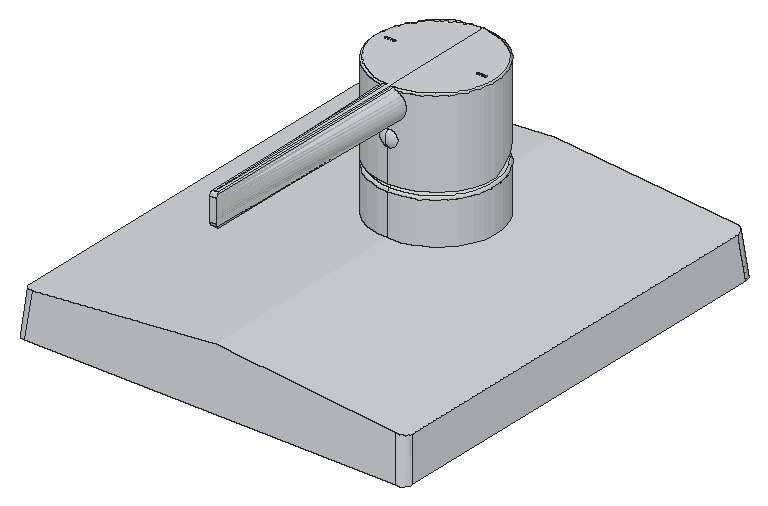
Revit family "Shower-Valve_Trim-KOHLER-STANCE-K-10317IN", category Specialty Equipment, host Face, Revit 2017
Family settings
  Host = Face
  Round Connector Dimension = Use Diameter
  Part Type = Normal
  OmniClass Number = 23.31.25.00
  OmniClass Title = Toilet and Bath Specialties
  Cut with Voids When Loaded = No
  Shared = No
  Room Calculation Point = No
Parameters (values of type "CP- Polished Chrome")
  Width = 6 77/256"  # constant formula
  WaterSense Certified = 1 = 0  # no
  URL = "https://www.kohler.co.in/"
  Type = 1
  Product Page URL = "https://www.kohler.co.in/product-detail/10317in-4?skuid=K-10317IN-4-CP"
  Product Name = "STANCE"  # constant formula
  Product Documentation Link = "http://resources.kohler.com/plumbing/kohlerindia/pdf/10317in_4_cp.pdf"
  Model = if(Type = 1, "K-10317IN-4-CP", "NA")  # "K-10317IN-4-CP"
  Material = "Solid brass construction"  # constant formula
  Master Format 2014 Name = "Toilet, Bath, and Laundry Accessories"  # constant formula
  Master Format 2014 = "10 28 00"  # constant formula
  Manufacturer Address = "Ambience Office Tower NH-8 Gurgaon / Gurugram Haryana , 122001\r\n"  # constant formula
  Manufacturer = "KOHLER Co."  # constant formula
  Length = 3 37/256"  # constant formula
  Height = 7 3/128"  # constant formula
  Finish = Kohler-Metal-CP-Polished_Chrome
  Environmental Product Declaration = ""
  Description = "Recessed Shower Valve Trim"  # constant formula
  Default Elevation = 42"
  Declare Label = ""
  Date Modified = "08/11/2020"  # constant formula
  Date Created = "08/11/2020"  # constant formula
  Copyright = "Copyright KOHLER Co."  # constant formula
  Contact Us = "https://www.kohler.co.in/contact-us"
  Assembly Code = "C1030200"
  ADA Compliant = 1 = 0  # no
Reference planes (in)
  plane 1 "Center (Front/Back)": y = 0
  plane 2: z = 0
  plane 3 "Center (Left/Right)": x = 0
  plane 4: y = 3.51181
  plane 5: x = -3.14961
  plane 6: x = 3.15117
  plane 7: y = -3.51163
  plane 8: y = 1.0435
  plane 9: z = 3.14453
  plane 10: y = -3.44469
Dimensions and locks (in)
  "Width": plane 5 to plane 6
  "Height": plane 7 to plane 4
  "Length": level to plane 9
  plane 8 to plane 10 = 4.48819"
  aligned and locked: plane 2 to host face
  aligned and locked: level to host face
  aligned and locked: plane 4 to nested 1
  aligned and locked: plane 5 to nested 1
  aligned and locked: plane 6 to nested 1
  aligned and locked: plane 7 to nested 1
  aligned and locked: plane 8 to nested 1
  aligned and locked: plane 9 to nested 1
  aligned and locked: plane 10 to nested 1
Automatic sketch dimensions
  host sketch curve to host sketch curve = 96"  (x2)
Nested families (in)
  nested 1: "K-10317IN" at (0, 0, -0.00114), type "K-10317IN"
Definition of nested family "K-10317IN"
  Parameters (values of type "K-10317IN")
    Material = none
  Reference planes (in)
    plane 1 "Center (Front/Back)": y = 0
    plane 2: z = 0
    plane 3 "Center (Left/Right)": x = 0
    plane 4: x = -3.14961
    plane 5: x = 3.14961
    plane 6: y = 3.51181
    plane 7: y = -3.51181
    plane 8: z = 3.14567
    plane 9: y = 1.0435
    plane 10: y = -3.44469
  Forms (in)
    SweptBlend 1, solid, material <- "Material", detail levels medium+fine
      path origin (0, 0, 0) x (0, 1, 0) y (0, 0, 1)
        loop
          line (0, 0) -> (0, 0.97089)
      profile origin (0, 0, 0) x (0, -1, 0) y (1, 0, 0)
        loop
          arc (-3.51181, -2.99213) -> (-3.46569, -3.10348) -> (-3.35433, -3.14961) r 0.15748
          line (-3.35433, -3.14961) -> (3.35433, -3.14961)
          arc (3.35433, -3.14961) -> (3.46569, -3.10348) -> (3.51181, -2.99213) r 0.15748
          line (3.51181, -2.99213) -> (3.51181, 2.99213)
          arc (3.51181, 2.99213) -> (3.46569, 3.10348) -> (3.35433, 3.14961) r 0.15748
          line (3.35433, 3.14961) -> (-3.35433, 3.14961)
          arc (-3.35433, 3.14961) -> (-3.46569, 3.10348) -> (-3.51181, 2.99213) r 0.15748
          line (-3.51181, 2.99213) -> (-3.51181, -2.99213)
      end profile origin (0, 0, 0.97089) x (0, -1, 0) y (1, 0, 0)
        loop
          line (-3.25135, -3.0585) -> (3.25031, -3.0585)
          arc (3.25031, -3.0585) -> (3.36166, -3.01237) -> (3.40779, -2.90102) r 0.15748
          line (3.40779, -2.90102) -> (3.40779, 2.90195)
          arc (3.40779, 2.90195) -> (3.36166, 3.01331) -> (3.25031, 3.05943) r 0.15748
          line (3.25031, 3.05943) -> (-3.25135, 3.05943)
          arc (-3.25135, 3.05943) -> (-3.3627, 3.01331) -> (-3.40883, 2.90195) r 0.15748
          line (-3.40883, 2.90195) -> (-3.40883, -2.90102)
          arc (-3.40883, -2.90102) -> (-3.3627, -3.01237) -> (-3.25135, -3.0585) r 0.15748
    Extrusion 2, void
      sketch origin (0, 0, 0) x (1, 0, 0) y (0, 0, 1)
        loop
          line (3.44666, 0.61168) -> (3.44666, 1.77165) -> (-3.63996, 1.77165) -> (-3.63996, 0.5728)
          arc (-3.63996, 0.5728) -> (-0.09859, 0.9451) -> (3.44666, 0.61168) r 17.96701
      from -3.87438 to 3.92553
    Revolve 3, solid, material <- "Material", detail levels medium+fine
      sketch origin (0, 0, 0) x (0, 1, 0) y (0, 0, 1)
        loop
          arc (2.00806, 1.61417) -> (1.99842, 1.64183) -> (1.97366, 1.65749) r 0.04447
          line (1.97366, 1.65749) -> (1.90887, 1.67485)
          arc (1.90887, 1.67485) -> (1.86709, 1.70258) -> (1.85052, 1.74991) r 0.07874
          arc (1.85052, 1.74991) -> (1.8243, 1.94398) -> (1.7521, 2.12602) r 0.80691
          line (1.7521, 2.12602) -> (1.0435, 2.12602) -> (1.0435, 0.55122) -> (2.00806, 0.55122) -> (2.00806, 1.61417)
        axis (1.0435, 2.12602) -> (1.0435, 0.55122)
      angle from 0 to 360
    Revolve 4, solid, material <- "Material", detail levels medium+fine
      sketch origin (0, 0, 0) x (0, 1, 0) y (0, 0, 1)
        loop
          line (1.0435, 3.14567) -> (0.10255, 3.14567)
          arc (0.10255, 3.14567) -> (0.08585, 3.13875) -> (0.07893, 3.12205) r 0.02362
          line (0.07893, 3.12205) -> (0.07893, 1.72835) -> (1.0435, 1.72835) -> (1.0435, 3.14567)
        axis (1.0435, 3.14567) -> (1.0435, 1.72835)
      angle from 0 to 360
    Extrusion 5, void
      sketch origin (0, 0, 0) x (0, 1, 0) y (0, 0, 1)
        loop
          line (2.1427, 2.21774) -> (1.0435, 1.72835) -> (2.1427, 1.72835) -> (2.1427, 2.21774)
      from -1.3047 to 1.57566
    Revolve 6, solid, material <- "Material", detail levels medium+fine
      sketch origin (0, 0, 0) x (0, 1, 0) y (0, 0, 1)
        loop
          line (0.02369, 2.39877) -> (0.14305, 2.39877) -> (0.14305, 2.57284)
          arc (0.14305, 2.57284) -> (0.05655, 2.5042) -> (0.02369, 2.39877) r 0.1875
        axis (0.02369, 2.39877) -> (0.14305, 2.39877)
      angle from 0 to 360
    SweptBlend 7, solid, material <- "Material", detail levels medium+fine
      path origin (0, 0, 0) x (0, 1, 0) y (0, 0, 1)
        loop
          line (0.19685, 3.14567) -> (-3.44469, 3.14567)
      profile origin (0, 0.19685, 3.14567) x (0, 0, -1) y (1, 0, 0)
        loop
          line (0, 0) -> (0, -0.04537)
          arc (0, -0.04537) -> (0.00129, -0.06349) -> (0.00514, -0.08125) r 0.12784
          arc (0.00514, -0.08125) -> (0.2502, -0.26477) -> (0.49498, -0.08086) r 0.25511
          arc (0.49498, -0.08086) -> (0.49874, -0.0634) -> (0.5, -0.04558) r 0.12642
          line (0.5, -0.04558) -> (0.5, 0) -> (0.5, 0.04558)
          arc (0.5, 0.04558) -> (0.49874, 0.0634) -> (0.49498, 0.08086) r 0.12642
          arc (0.49498, 0.08086) -> (0.2502, 0.26477) -> (0.00514, 0.08125) r 0.25511
          arc (0.00514, 0.08125) -> (0.00129, 0.06349) -> (0, 0.04537) r 0.12784
          line (0, 0.04537) -> (0, 0)
      end profile origin (0, -3.44469, 3.14567) x (0, 0, -1) y (1, 0, 0)
        loop
          line (0.48031, 0.055) -> (0.01969, 0.055)
          arc (0.01969, 0.055) -> (0.00577, 0.04923) -> (0, 0.03531) r 0.01969
          line (0, 0.03531) -> (0, -0.03531)
          arc (0, -0.03531) -> (0.00577, -0.04923) -> (0.01969, -0.055) r 0.01969
          line (0.01969, -0.055) -> (0.48031, -0.055)
          arc (0.48031, -0.055) -> (0.49423, -0.04923) -> (0.5, -0.03531) r 0.01969
          line (0.5, -0.03531) -> (0.5, 0.03531)
          arc (0.5, 0.03531) -> (0.49423, 0.04923) -> (0.48031, 0.055) r 0.01969
    Extrusion 8, void
      sketch origin (0, 0, 0) x (0, 1, 0) y (0, 0, 1)
        loop
          arc (-3.44469, 3.08465) -> (-3.42682, 3.1278) -> (-3.38367, 3.14567) r 0.06102
          line (-3.38367, 3.14567) -> (-3.47406, 3.14567) -> (-3.47406, 2.64567) -> (-3.38367, 2.64567)
          arc (-3.38367, 2.64567) -> (-3.42682, 2.66354) -> (-3.44469, 2.70669) r 0.06102
          line (-3.44469, 2.70669) -> (-3.44469, 3.08465)
      from -0.28579 to 0.32613
    Extrusion 9, solid, material <- "Material", detail levels coarse
      sketch origin (0, 0, 0) x (1, 0, 0) y (0, 1, 0)
        loop
          line (-3.14961, 3.51181) -> (-3.14961, -3.51181) -> (3.14961, -3.51181) -> (3.14961, 3.51181) -> (-3.14961, 3.51181)
      from 0 to 0.94454
    Revolve 10, solid, material <- "Material", detail levels coarse
      sketch origin (0, 0, 0) x (0, 1, 0) y (0, 0, 1)
        loop
          line (1.0435, 3.14567) -> (1.0435, 0.75453) -> (2.00807, 0.75453) -> (2.00807, 3.14567) -> (1.0435, 3.14567)
        axis (1.0435, 3.14567) -> (1.0435, 0.75453)
      angle from 0 to 360
    Extrusion 11, solid, material <- "Material", detail levels coarse
      sketch origin (0, 0, 0) x (1, 0, 0) y (0, 0, 1)
        loop
          arc (-0.04762, 3.14567) -> (0, 2.64472) -> (0.04762, 3.14567) r 0.25274
          line (0.04762, 3.14567) -> (-0.04762, 3.14567)
      from -0.21491 to 3.44469
    Extrusion 12, void
      sketch origin (0, 0, 0) x (1, 0, 0) y (0, 1, 0)
        loop
          arc (-0.80244, 1.05649) -> (-0.81543, 1.0435) -> (-0.80244, 1.0305) r 0.01299
          line (-0.80244, 1.0305) -> (-0.67345, 1.0305)
          arc (-0.67345, 1.0305) -> (-0.66046, 1.0435) -> (-0.67345, 1.05649) r 0.01299
          line (-0.67345, 1.05649) -> (-0.80244, 1.05649)
        loop
          line (0.80244, 1.05649) -> (0.67345, 1.05649)
          arc (0.67345, 1.05649) -> (0.66046, 1.0435) -> (0.67345, 1.0305) r 0.01299
          line (0.67345, 1.0305) -> (0.80244, 1.0305)
          arc (0.80244, 1.0305) -> (0.81543, 1.0435) -> (0.80244, 1.05649) r 0.01299
      from 3.04683 to 9.84252
    Extrusion 13, solid, detail levels medium+fine
      sketch origin (0, 0, 0) x (1, 0, 0) y (0, 1, 0)
        loop
          arc (0.80244, 1.0305) -> (0.81543, 1.0435) -> (0.80244, 1.05649) r 0.01299
          line (0.80244, 1.05649) -> (0.67345, 1.05649)
          arc (0.67345, 1.05649) -> (0.66046, 1.0435) -> (0.67345, 1.0305) r 0.01299
          line (0.67345, 1.0305) -> (0.80244, 1.0305)
      from 3.04683 to 3.14567
    Extrusion 14, solid, detail levels medium+fine
      sketch origin (0, 0, 0) x (1, 0, 0) y (0, 1, 0)
        loop
          arc (-0.67345, 1.0305) -> (-0.66046, 1.0435) -> (-0.67345, 1.05649) r 0.01299
          line (-0.67345, 1.05649) -> (-0.80244, 1.05649)
          arc (-0.80244, 1.05649) -> (-0.81543, 1.0435) -> (-0.80244, 1.0305) r 0.01299
          line (-0.80244, 1.0305) -> (-0.67345, 1.0305)
      from 3.04683 to 3.14567
  Cuts and joins
    Extrusion 2 cuts SweptBlend 1
    Extrusion 5, Extrusion 12 cuts Revolve 4
    Extrusion 8 cuts SweptBlend 7
    joined: SweptBlend 1, Revolve 3, Revolve 4, Revolve 6, SweptBlend 7
    joined: Extrusion 9, Revolve 10, Extrusion 11
  Lines and regions (in)
    Masking region 1
      outline origin (0, 0, 0) x (1, 0, 0) y (0, 1, 0)
        loop
          arc (-2.99213, 3.51181) -> (-3.10348, 3.46569) -> (-3.14961, 3.35433) r 0.15748
          line (-3.14961, 3.35433) -> (-3.14961, -3.35433)
          arc (-3.14961, -3.35433) -> (-3.10348, -3.46569) -> (-2.99213, -3.51181) r 0.15748
          line (-2.99213, -3.51181) -> (2.99213, -3.51181)
          arc (2.99213, -3.51181) -> (3.10348, -3.46569) -> (3.14961, -3.35433) r 0.15748
          line (3.14961, -3.35433) -> (3.14961, 3.35433)
          arc (3.14961, 3.35433) -> (3.10348, 3.46569) -> (2.99213, 3.51181) r 0.15748
          line (2.99213, 3.51181) -> (-2.99213, 3.51181)
    Masking region 2
      outline origin (0, 0, 0) x (1, 0, 0) y (0, 0, 1)
        loop
          arc (0, 3.14567) -> (-0.48288, 3.13454) -> (-0.96457, 3.09892) r 9.51304
          line (-0.96457, 3.09892) -> (-0.96457, 1.72835) -> (-0.81032, 1.72835)
          arc (-0.81032, 1.72835) -> (-0.83074, 1.69429) -> (-0.86538, 1.67485) r 0.07739
          line (-0.86538, 1.67485) -> (-0.93225, 1.65693)
          arc (-0.93225, 1.65693) -> (-0.95556, 1.64135) -> (-0.96457, 1.61481) r 0.0436
          line (-0.96457, 1.61481) -> (-0.96457, 0.91946)
          arc (-0.96457, 0.91946) -> (-2.02202, 0.83123) -> (-3.07241, 0.68073) r 17.96701
          arc (-3.07241, 0.68073) -> (-3.08577, 0.67343) -> (-3.09191, 0.65951) r 0.02362
          line (-3.09191, 0.65951) -> (-3.14961, 0) -> (0, 0) -> (3.14961, 0) -> (3.09191, 0.65951)
          arc (3.09191, 0.65951) -> (3.08577, 0.67343) -> (3.07241, 0.68073) r 0.02362
          arc (3.07241, 0.68073) -> (2.02202, 0.83123) -> (0.96457, 0.91946) r 17.96701
          line (0.96457, 0.91946) -> (0.96457, 1.61481)
          arc (0.96457, 1.61481) -> (0.95556, 1.64135) -> (0.93225, 1.65693) r 0.0436
          line (0.93225, 1.65693) -> (0.86538, 1.67485)
          arc (0.86538, 1.67485) -> (0.83074, 1.69429) -> (0.81032, 1.72835) r 0.07739
          line (0.81032, 1.72835) -> (0.96457, 1.72835) -> (0.96457, 3.09892)
          arc (0.96457, 3.09892) -> (0.48288, 3.13454) -> (0, 3.14567) r 9.51304
    Masking region 3
      outline origin (0, 0, 0) x (0, 1, 0) y (0, 0, 1)
        loop
          arc (2.00806, 1.61417) -> (1.99842, 1.64183) -> (1.97366, 1.65749) r 0.04447
          line (1.97366, 1.65749) -> (1.90887, 1.67485)
          arc (1.90887, 1.67485) -> (1.86709, 1.70258) -> (1.85052, 1.74991) r 0.07874
          arc (1.85052, 1.74991) -> (1.83296, 1.90742) -> (1.78496, 2.05847) r 0.80691
          line (1.78496, 2.05847) -> (2.00806, 2.1578) -> (2.00806, 3.1255)
          arc (2.00806, 3.1255) -> (2.00216, 3.13976) -> (1.98789, 3.14567) r 0.02017
          line (1.98789, 3.14567) -> (-3.38367, 3.14567)
          arc (-3.38367, 3.14567) -> (-3.42682, 3.1278) -> (-3.44469, 3.08465) r 0.06102
          line (-3.44469, 3.08465) -> (-3.44469, 2.70669)
          arc (-3.44469, 2.70669) -> (-3.42682, 2.66354) -> (-3.38367, 2.64567) r 0.06102
          line (-3.38367, 2.64567) -> (0.00236, 2.64567)
          arc (0.00236, 2.64567) -> (0.0565, 2.62324) -> (0.07893, 2.5691) r 0.07657
          line (0.07893, 2.5691) -> (0.07893, 2.53106)
          arc (0.07893, 2.53106) -> (0.02362, 2.39877) -> (0.07893, 2.26649) r 0.18584
          line (0.07893, 2.26649) -> (0.07893, 1.72835) -> (0.23318, 1.72835)
          arc (0.23318, 1.72835) -> (0.21261, 1.69443) -> (0.17812, 1.67485) r 0.07874
          line (0.17812, 1.67485) -> (0.11333, 1.65749)
          arc (0.11333, 1.65749) -> (0.08858, 1.64183) -> (0.07893, 1.61417) r 0.04447
          line (0.07893, 1.61417) -> (0.07893, 0.94488) -> (-3.4095, 0.94488)
          arc (-3.4095, 0.94488) -> (-3.42398, 0.93925) -> (-3.43086, 0.92531) r 0.02144
          line (-3.43086, 0.92531) -> (-3.51181, 0) -> (3.51181, 0) -> (3.43081, 0.92589)
          arc (3.43081, 0.92589) -> (3.42413, 0.93941) -> (3.41007, 0.94488) r 0.02081
          line (3.41007, 0.94488) -> (2.00806, 0.94488) -> (2.00806, 1.61417)
    symbolic lines, detail levels medium+fine
      curve 1: line (-3.09164, 3.29431, 0) -> (-3.09164, -3.29431, 0)
      curve 2: line (3.09164, 3.29431, 0) -> (3.09164, -3.29431, 0)
      curve 3: arc (-2.93188, 3.45177, 0) -> (0, 3.43057, 0) -> (2.93188, 3.45177, 0) r 202.72732
      curve 4: arc (-2.93188, -3.45177, 0) -> (-1.49325, -3.43607, 0) -> (-0.05455, -3.43058, 0) r 202.72732
      curve 5: arc (-2.93188, 3.45177, 0) -> (-3.04471, 3.40646, 0) -> (-3.09164, 3.29431, 0) r 0.15748
      curve 6: arc (2.93188, 3.45177, 0) -> (3.04471, 3.40646, 0) -> (3.09164, 3.29431, 0) r 0.15748
      curve 7: arc (2.93188, -3.45177, 0) -> (3.04471, -3.40646, 0) -> (3.09164, -3.29431, 0) r 0.15748
      curve 8: arc (-3.09164, -3.29431, 0) -> (-3.04471, -3.40646, 0) -> (-2.93188, -3.45177, 0) r 0.15748
      curve 9: arc (-2.9422, -3.4319, 0) -> (-1.4987, -3.41609, 0) -> (-0.05512, -3.41056, 0) r 202.74734
      curve 10: arc (2.92676, -3.43167, 0) -> (3.03112, -3.3955, 0) -> (3.0754, -3.29431, 0) r 0.1378
      curve 11: line (3.0754, 3.29431, 0) -> (3.0754, -3.29431, 0)
      curve 12: arc (2.93561, 3.43209, 0) -> (3.03433, 3.39244, 0) -> (3.0754, 3.29431, 0) r 0.1378
      curve 13: arc (-2.92873, 3.43209, 0) -> (0.00344, 3.41088, 0) -> (2.93561, 3.43209, 0) r 202.74701
      curve 14: arc (-2.92873, 3.43209, 0) -> (-3.02745, 3.39244, 0) -> (-3.06852, 3.29431, 0) r 0.1378
      curve 15: line (-3.06852, 3.29431, 0) -> (-3.06852, -3.29458, 0)
      curve 16: arc (-3.06852, -3.29458, 0) -> (-3.03214, -3.38787, 0) -> (-2.9422, -3.4319, 0) r 0.1378
      curve 17: line (-2.9327, -3.45178, 0) -> (-2.99273, -3.51181, 0)
      curve 18: line (-3.09164, -3.29697, 0) -> (-3.14961, -3.35493, 0)
      curve 19: line (-3.14961, 3.35493, 0) -> (-3.09164, 3.29696, 0)
      curve 20: line (-2.99273, 3.51181, 0) -> (-2.9327, 3.45178, 0)
      curve 21: line (3.14961, 3.35493, 0) -> (3.09164, 3.29696, 0)
      curve 22: line (2.99273, 3.51181, 0) -> (2.9327, 3.45178, 0)
      curve 23: line (2.99273, -3.51181, 0) -> (2.9327, -3.45178, 0)
      curve 24: line (3.09164, -3.29697, 0) -> (3.14961, -3.35493, 0)
      curve 25: arc (-0.21349, 0.10285, 0) -> (-0.95857, 1.15091, 0) -> (0, 2.00806, 0) r 0.96457
      curve 26: arc (0, 2.00806, 0) -> (0.95857, 1.15091, 0) -> (0.21349, 0.10285, 0) r 0.96457
      curve 27: arc (0.26408, 0.08414, 0) -> (0, 2.03854, 0) -> (-0.26408, 0.08414, 0) r 0.99504
      curve 28: line (-0.03531, -3.38564, 0) -> (0.03531, -3.38564, 0)
      curve 29: line (-0.03531, -3.44469, 0) -> (-0.03531, 0, 0)
      curve 30: arc (-0.03531, 0, 0) -> (-0.11899, 0.07643, 0) -> (-0.2212, 0.12538, 0) r 0.38742
      curve 31: line (-0.05512, -3.42858, 0) -> (-0.05512, 0, 0)
      curve 32: arc (-0.05512, 0, 0) -> (-0.12766, 0.06166, 0) -> (-0.21349, 0.10285, 0) r 0.37144
      curve 33: line (0, -0.05887, 0) -> (-0.05512, -0.05887, 0)
      curve 34: arc (0.2212, 0.12538, 0) -> (0, 1.98788, 0) -> (-0.2212, 0.12538, 0) r 0.94438
      curve 35: arc (-0.31261, 0.13099, 0) -> (-0.27285, 0.10113, 0) -> (-0.25944, 0.05325, 0) r 0.07743
      curve 36: arc (-0.25944, 0.05325, 0) -> (-0.21568, -0.6633, 0) -> (-0.16301, -1.37924, 0) r 57.6726
      curve 37: arc (-0.16301, -1.37924, 0) -> (-0.10175, -2.3518, 0) -> (-0.05512, -3.32518, 0) r 64.77325
      curve 38: arc (-0.03531, -3.38564, 0) -> (-0.04993, -3.40489, 0) -> (-0.05512, -3.4285, 0) r 0.05629
      curve 39: line (-0.039, -3.44469, 0) -> (0, -3.44469, 0)
      curve 40: arc (-0.039, -3.44469, 0) -> (-0.0504, -3.43997, 0) -> (-0.05512, -3.42858, 0) r 0.01611
      curve 41: arc (0.05512, -3.41056, 0) -> (1.49097, -3.41603, 0) -> (2.92676, -3.43167, 0) r 202.74734
      curve 42: arc (0.05477, -3.43058, 0) -> (1.49337, -3.43607, 0) -> (2.93188, -3.45177, 0) r 202.72732
      curve 43: arc (-0.25944, 0.05325, 0) -> (-0.16029, 0.021, 0) -> (-0.05764, 0.00275, 0) r 0.75284
      curve 44: line (0.03531, -3.38564, 0) -> (-0.03531, -3.38564, 0)
      curve 45: line (0.03531, -3.44469, 0) -> (0.03531, 0, 0)
      curve 46: arc (0.03531, 0, 0) -> (0.11899, 0.07643, 0) -> (0.2212, 0.12538, 0) r 0.38742
      curve 47: line (0.05512, -3.42713, 0) -> (0.05512, 0, 0)
      curve 48: arc (0.05512, 0, 0) -> (0.12766, 0.06166, 0) -> (0.21349, 0.10285, 0) r 0.37144
      curve 49: line (0, -0.05887, 0) -> (0.05512, -0.05887, 0)
      curve 50: arc (0.31261, 0.13099, 0) -> (0.27285, 0.10113, 0) -> (0.25944, 0.05325, 0) r 0.07743
      curve 51: arc (0.25944, 0.05325, 0) -> (0.21568, -0.6633, 0) -> (0.16301, -1.37924, 0) r 57.6726
      curve 52: arc (0.16301, -1.37924, 0) -> (0.10175, -2.3518, 0) -> (0.05512, -3.32518, 0) r 64.77325
      curve 53: arc (0.03531, -3.38564, 0) -> (0.04965, -3.4043, 0) -> (0.0551, -3.42718, 0) r 0.05629
      curve 54: line (0.03755, -3.44469, 0) -> (0, -3.44469, 0)
      curve 55: arc (0.25944, 0.05325, 0) -> (0.16029, 0.021, 0) -> (0.05764, 0.00275, 0) r 0.75284
      curve 56: arc (0.05512, -3.42713, 0) -> (0.04997, -3.43955, 0) -> (0.03755, -3.44469, 0) r 0.01757
      curve 57: arc (0.96462, 0, 3.08115) -> (0.48284, 0, 3.1149) -> (0, 0, 3.126) r 10.2834
      curve 58: spline (0.96457, 0, 1.72835) -> (0.9317, 0, 1.83958) -> (0.83534, 0, 1.94324) -> (0.68205, 0, 2.03225) -> (0.48228, 0, 2.10055) -> (0.24965, 0, 2.14349) -> (0, 0, 2.15813) -> (-0.24965, 0, 2.14349) -> (-0.48228, 0, 2.10055) -> (-0.68205, 0, 2.03225) -> (-0.83534, 0, 1.94324) -> (-0.9317, 0, 1.83958) -> (-0.96457, 0, 1.72835)
      curve 59: spline (0.91339, 0, 1.72835) -> (0.88226, 0, 1.8245) -> (0.79102, 0, 1.9141) -> (0.64586, 0, 1.99104) -> (0.45669, 0, 2.05008) -> (0.2364, 0, 2.08719) -> (0, 0, 2.09985) -> (-0.2364, 0, 2.08719) -> (-0.45669, 0, 2.05008) -> (-0.64586, 0, 1.99104) -> (-0.79102, 0, 1.9141) -> (-0.88226, 0, 1.8245) -> (-0.91339, 0, 1.72835)
      curve 60: arc (0.7876, 0, 1.91587) -> (0.80238, 0, 1.82252) -> (0.81032, 0, 1.72835) r 1.29608
      curve 61: line (0.80912, 0, 1.74968) -> (0, 0, 1.74968)
      curve 62: line (0.87122, 0, 1.67485) -> (-0.00013, 0, 1.67485)
      curve 63: line (0.93016, 0, 1.65749) -> (0, 0, 1.65749)
      curve 64: line (0.96457, 0, 1.60236) -> (0, 0, 1.60236)
      curve 65: arc (0.96457, 0, 0.91946) -> (0.48246, 0, 0.93889) -> (0, 0, 0.94537) r 17.96701
      curve 66: arc (3.09191, 0, 0.65951) -> (1.5533, 0, 0.8781) -> (0, 0, 0.92684) r 14.16638
      curve 67: line (2.99273, 0, 0) -> (2.93241, 0, 0.68936)
      curve 68: arc (2.93345, 0, 0.69003) -> (2.94595, 0, 0.69871) -> (2.96113, 0, 0.69954) r 0.02789
      curve 69: arc (-0.96462, 0, 3.08115) -> (-0.48284, 0, 3.1149) -> (0, 0, 3.126) r 10.2834
      curve 70: arc (-0.7876, 0, 1.91587) -> (-0.80238, 0, 1.82252) -> (-0.81032, 0, 1.72835) r 1.29608
      curve 71: line (-0.80912, 0, 1.74968) -> (0, 0, 1.74968)
      curve 72: line (-0.87122, 0, 1.67485) -> (-0.00013, 0, 1.67485)
      curve 73: line (-0.93016, 0, 1.65749) -> (0, 0, 1.65749)
      curve 74: line (-0.96457, 0, 1.60236) -> (0, 0, 1.60236)
      curve 75: arc (-0.96457, 0, 0.91946) -> (-0.48246, 0, 0.93889) -> (0, 0, 0.94537) r 17.96701
      curve 76: arc (-3.09191, 0, 0.65951) -> (-1.5533, 0, 0.8781) -> (0, 0, 0.92684) r 14.16638
      curve 77: line (-2.99273, 0, 0) -> (-2.93234, 0, 0.69024)
      curve 78: arc (-2.93345, 0, 0.69003) -> (-2.94595, 0, 0.69871) -> (-2.96113, 0, 0.69954) r 0.02789
      curve 79: line (0, 2.00806, 2.1578) -> (0, 1.0435, 1.72835)
      curve 80: line (0, 0.11333, 1.65749) -> (0, 1.97366, 1.65749)
      curve 81: line (0, 1.91491, 1.67323) -> (0, 0.17208, 1.67323)
      curve 82: line (0, 0.07893, 0.94537) -> (0, 2.00806, 0.94537)
      curve 83: line (0, -3.28859, 0.68021) -> (0, 3.2974, 0.68021)
      curve 84: spline (0, 3.43154, 0.69953) -> (0, 3.42676, 0.69703) -> (0, 3.42052, 0.69463) -> (0, 3.41287, 0.69234) -> (0, 3.40389, 0.69019) -> (0, 3.39368, 0.68821) -> (0, 3.38233, 0.6864) -> (0, 3.36996, 0.68479) -> (0, 3.35669, 0.6834) -> (0, 3.34266, 0.68223) -> (0, 3.328, 0.68131) -> (0, 3.31287, 0.68063) -> (0, 3.2974, 0.68021)
      curve 85: spline (0, -3.43149, 0.70011) -> (0, -3.42668, 0.69745) -> (0, -3.42022, 0.6949) -> (0, -3.41218, 0.69247) -> (0, -3.40265, 0.6902) -> (0, -3.39175, 0.68811) -> (0, -3.37958, 0.68623) -> (0, -3.3663, 0.68457) -> (0, -3.35204, 0.68316) -> (0, -3.33697, 0.682) -> (0, -3.32125, 0.68112) -> (0, -3.30506, 0.68052) -> (0, -3.28859, 0.68021)
      curve 86: line (0, -3.29697, 0.66253) -> (0, -3.35493, 0)
      curve 87: line (0, 3.35493, 0) -> (0, 3.29702, 0.66193)
      curve 88: line (0, 1.0435, 1.72835) -> (0, 0.23318, 1.72835)
      curve 89: line (0, 1.85052, 1.74991) -> (0, 1.09193, 1.74991)
      curve 90: arc (0, 0.07893, 2.53106) -> (0, 0.09971, 2.39877) -> (0, 0.07893, 2.26649) r 0.43151
      curve 91: line (0, 3.41007, 0.94488) -> (0, 3.43154, 0.69953)
      curve 92: line (0, 3.45199, 0.68371) -> (0, 3.29702, 0.66193)
      curve 93: arc (0, 3.45199, 0.68371) -> (0, 3.44535, 0.69935) -> (0, 3.43079, 0.7081) r 0.02753
      curve 94: line (0, -3.2719, 0.66253) -> (0, 3.2974, 0.66253)
      curve 95: line (0, -3.45039, 0.70204) -> (0, -3.2719, 0.66253)
      curve 96: arc (0, -3.45199, 0.68371) -> (0, -3.44535, 0.69935) -> (0, -3.43079, 0.7081) r 0.02753
      curve 97: arc (0, 0, 3.14567) -> (0, 0.05296, 2.89567) -> (0, 0, 2.64567) r 0.61654
      curve 98: arc (0, 0.07893, 2.56377) -> (0, 0.12995, 2.84302) -> (0, 0.10523, 3.12582) r 1.06278
      curve 99: arc (0, 2.0061, 3.12582) -> (0, 1.05566, 3.08021) -> (0, 0.10523, 3.12582) r 9.92659
      curve 100: arc (0, 1.98662, 3.14553) -> (0, 1.04461, 3.10084) -> (0, 0.10261, 3.14553) r 9.9502
      curve 101: arc (0, 0.10523, 3.12582) -> (0, 0.05327, 3.13922) -> (0, 0, 3.14567) r 0.40655
      curve 102: arc (0, 0.10523, 3.12582) -> (0, 0.11601, 3.14066) -> (0, 0.13425, 3.14257) r 0.02255
      curve 103: line (0, 2.00806, 1.61417) -> (0, 0.07893, 1.61417)
      curve 104: line (0, -3.41007, 0.94488) -> (0, -3.43149, 0.70011)
      curve 105: line (0, -3.35021, 3.14567) -> (0, -3.35021, 2.64566)
      curve 106: line (-0.80244, 1.0305, 0) -> (-0.67345, 1.0305, 0)
      curve 107: line (-0.67345, 1.05649, 0) -> (-0.80244, 1.05649, 0)
      curve 108: arc (-0.67345, 1.0305, 0) -> (-0.66046, 1.0435, 0) -> (-0.67345, 1.05649, 0) r 0.01299
      curve 109: arc (-0.80244, 1.05649, 0) -> (-0.81543, 1.0435, 0) -> (-0.80244, 1.0305, 0) r 0.01299
      curve 110: line (0.67345, 1.0305, 0) -> (0.80244, 1.0305, 0)
      curve 111: line (0.80244, 1.05649, 0) -> (0.67345, 1.05649, 0)
      curve 112: arc (0.67345, 1.05649, 0) -> (0.66046, 1.0435, 0) -> (0.67345, 1.0305, 0) r 0.01299
      curve 113: arc (0.80244, 1.0305, 0) -> (0.81543, 1.0435, 0) -> (0.80244, 1.05649, 0) r 0.01299
  Dimensions and locks (in)
    aligned and locked: plane 2 to level
